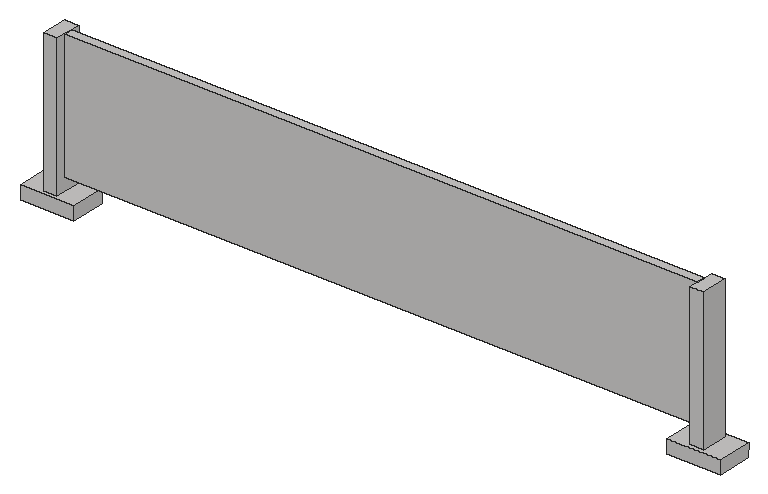
Revit family "B-683", category Plumbing Fixtures, host Face, Revit 2014
Parameters (values of type "B-683")
  Width = 5 3/4"
  Waste Connection = no
  Warranty Information = "3 Year Warranty"
  WFU = 0
  Vent Connection = no
  URL = "http://bobrick.com/Pages/default.aspx"
  Type Comments = ""
  Revised Date = ""
  Product Page URL = "http://bobrick.com/washroomaccessories/Pages/ProductDetails.aspx?Product+Number=B-683+x+24"
  Product Documentation Link = "http://bobrick.com/Documents/B-683_td.pdf"
  Price = "Prices may vary. Please consult Manufacturer Representative for most up-to-date price list."  # constant formula
  Model = "B-683"
  Material = "Stainless Steel, Satin finish"
  Manufacturer = "Bobrick"
  Length = 26"
  Installation Type = "Surface Mounted"
  Height = 0"
  HWFU = 0
  HW Connection = no
  Description = "Surface-mounted shelf shall be type-304 stainless steel with bright polished finish. Flanges and support arms"
  Default Elevation = 40"
  Creation Date = "2/11/2016"
  CWFU = 0
  CW Connection = no
  Assembly Code = ""
  ADA Compliant = yes
Reference planes (in)
  plane 1 "Center (Front/Back)": y = 0
  plane 2: z = 0
  plane 3 "Center (Left/Right)": x = 0
  plane 4: x = -13
  plane 5: x = -11
  plane 6: y = 0.64255
  plane 7: y = -0.64255
  plane 8: x = 13
  plane 9: x = 11
  plane 10: y = 0.64255
  plane 11: y = -0.64255
  plane 12: z = 5.75
  plane 13: z = 1
  plane 14: x = -12.25
  plane 15: x = -11.75
  plane 16: x = 12.25
  plane 17: x = 11.75
  plane 18: x = -12
  plane 19: x = 12
  plane 20: z = 0.5
Forms (in)
  Extrusion 1, solid, material "Stainless Steel"
    sketch origin (0, -0.27526, 0) x (1, 0, 0) y (0, 0, -1)
      loop
        line (-13, 0) -> (-13, -0.5) -> (-11, -0.5) -> (-11, 0) -> (-13, 0)
    from -0.36729 to 0.91781
  Extrusion 2, solid, material "Stainless Steel"
    sketch origin (0, -0.31952, 0) x (1, 0, 0) y (0, 0, -1)
      loop
        line (-12.25, -0.5) -> (-12.25, -5.75) -> (-11.75, -5.75) -> (-11.75, -0.5) -> (-12.25, -0.5)
    from -0.1686 to 0.80763
  Extrusion 3, solid, material "Stainless Steel"
    sketch origin (0, -0.27526, 0) x (-1, 0, 0) y (0, 0, 1)
      loop
        line (-13, 0) -> (-11, 0) -> (-11, 0.5) -> (-13, 0.5) -> (-13, 0)
    from -0.36729 to 0.91781
  Extrusion 4, solid, material "Stainless Steel"
    sketch origin (0, -0.248, 0) x (1, 0, 0) y (0, 0, -1)
      loop
        line (-11.75, -1) -> (-11.75, -5.75) -> (11.75, -5.75) -> (11.75, -1) -> (-11.75, -1)
    from 0.07362 to 0.42237
  Extrusion 5, solid, material "Stainless Steel"
    sketch origin (0, -0.31952, 0) x (-1, 0, 0) y (0, 0, 1)
      loop
        line (-12.25, 0.5) -> (-11.75, 0.5) -> (-11.75, 5.75) -> (-12.25, 5.75) -> (-12.25, 0.5)
    from -0.1686 to 0.80763
Dimensions and locks (in)
  plane 4 to plane 8 = 26"
  plane 18 to plane 19 = 24"
  plane 12 to host face = 5 3/4"
  plane 20 to host face = 1/2"
  aligned and locked: plane 2 to host face
  aligned and locked: level to host face
